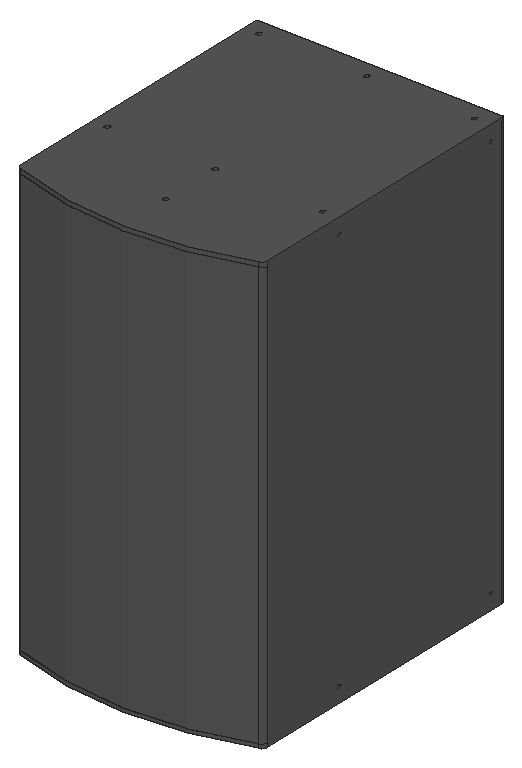
Revit family "1Electronics_Community_Biamp_Subwoofer_IS8-218WR", category Communication Devices, host Face, Revit 2020
Family settings
  Host = Face
  Maintain Annotation Orientation = No
  Round Connector Dimension = Use Diameter
  Part Type = Normal
  OmniClass Number = 23.85.10.11.14.14.14
  OmniClass Title = Loudspeakers
  Cut with Voids When Loaded = No
  Shared = No
  Room Calculation Point = No
Parameters (values of type "IS8-218WR B")
  Width = 22.10"  # constant formula
  Weight = 172.00 lbf  # constant formula
  URL = "https://www.biamp.com/"
  Transducers = "2 x 18 (457mm) double-treated cones with 4 (102mm) voice coils, triple demodulation rings, neodymium construction"  # constant formula
  Shipping Weight = 192.00 lbf  # constant formula
  Recommended Amplifiers = "Single Amp - 3200W - 6400W @ 4 ohms,  (113V - 160V); Dual Amp - 1600W - 3200W @ 8 ohms,  (113V - 160V) (each driver)"  # constant formula
  Product data url = "https://bimobject.com/biamp/product/is8-218wr_community-subwoofer"
  Product Page URL = "https://www.biamp.com/products/product-families/community/community-subwoofers#is8-218wr"
  Product Documentation Link = "https://www.biamp.com/products/product-families/community/community-subwoofers#is8-218wr"
  Operating Range = "31 Hz to 150 Hz  "  # constant formula
  Operating Mode = "Single or Dual Amp"  # constant formula
  Operating Environment = "Weather-Resistant Outdoor "  # constant formula
  Nominal Sensitivity = "Half Space - 1W: 102 dB - 2.83V: 105 dB; Whole Space - 1W: 96 dB - 2.83V: 99 dB"  # constant formula
  Nominal Maximum SPL = "Half Space - Peak: 143 dB - Continuous: 137 dB; Whole Space - Peak: 137 dB - Continuous: 131 dB"  # constant formula
  Mounting Points = "(23) M10 threaded rigging points"  # constant formula
  Model = "IS8-218WR B"
  Manufacturer = "Biamp"  # constant formula
  Input Connection = "Screw terminal blocks (4-position)"  # constant formula
  Housing Material = Biamp - Plastic - Black
  Height = 39.00"  # constant formula
  Grill Material = Biamp - Plastic - Black(Grid)
  Equalized Sensitivity = "Half Space - 1W: 101 dB - 2.83V: 104 dB; Whole Space - 1W: 95 dB - 2.83V: 98 dB"  # constant formula
  Equalized Maximum SPL = "Half Space - Peak: 142 dB - Continuous: 136 dB; Whole Space - Peak: 136 dB - Continuous: 130 dB"  # constant formula
  Environmental = "Outdoor: IP55W per IEC 60529, MIL-STD-810G"  # constant formula
  Description = "IS8-218WR High Power Dual 18-Inch Weather-Resistant Subwoofer"  # constant formula
  Depth = 28.89"  # constant formula
  Default Elevation = 48.00"
  Continuous Power Handling  Nominal Impedance = "Single Amp - 113V, 3200W @ 4 ohms (12800W peak); Dual Amp - 113V, 1600W @ 8 ohms (6400W peak) (each); "  # constant formula
Types (4): name | Model | Housing Material | Grill Material
  (no name) | "IS8-218WR B" | Biamp - Plastic - Black | Biamp - Plastic - Black(Grid)
  IS8-218WR B | "IS8-218WR B" | Biamp - Plastic - Black | Biamp - Plastic - Black(Grid)
  IS8-218WR W | "IS8-218WR W" | Biamp - Plastic - White | Biamp - Plastic - White(Grid)
  IS8-218WR G | "IS8-218WR G" | Biamp - Plastic - Gray | Biamp - Plastic - Gray(Grid)
Reference planes (in)
  plane 1 "Center (Front/Back)": y = 0
  plane 2: z = 0
  plane 3 "Center (Left/Right)": x = 0
  plane 4: y = 14.445
  plane 5: y = -14.445
  plane 6: x = -11.05
  plane 7: x = 11.05
  plane 8: z = 39
  plane 9: z = 19.5
  plane 10: x = -10.675
  plane 11: y = 14.07
  plane 12: y = 14.2575
  plane 13: z = 38.625
  plane 14: z = 0.375
  plane 15: x = 10.675
  plane 16: y = -12.015
Forms (in)
  Extrusion 1, void
    sketch origin (0, 0, 0) x (1, 0, 0) y (0, 1, 0)
      loop
        circle (-9.67, 12.925) r 0.21654
      loop
        circle (0, 12.925) r 0.21654
      loop
        circle (9.67, 12.925) r 0.21654
      loop
        circle (-9.67, -4.085) r 0.21654
      loop
        circle (0, -4.085) r 0.21654
      loop
        circle (9.67, -4.085) r 0.21654
      loop
        circle (0, -9.605) r 0.21654
    from 38.625 to 39
  Extrusion 2, void
    sketch origin (0, 0, 0) x (0, 1, 0) y (0, 0, 1)
      loop
        circle (12.925, 1.38) r 0.21654
      loop
        circle (12.925, 37.62) r 0.21654
      loop
        circle (-4.085, 1.38) r 0.21654
      loop
        circle (-4.085, 37.62) r 0.21654
    from 10.675 to 11.05
  Extrusion 3, void
    sketch origin (0, 0, 0) x (1, 0, 0) y (0, 0, 1)
      loop
        circle (0, 37.62) r 0.21654
      loop
        circle (0, 1.38) r 0.21654
      loop
        line (2.005, 13.38) -> (-2.005, 13.38)
        arc (-2.005, 13.38) -> (-2.09339, 13.34339) -> (-2.13, 13.255) r 0.125
        line (-2.13, 13.255) -> (-2.13, 6.445)
        arc (-2.13, 6.445) -> (-2.09339, 6.35661) -> (-2.005, 6.32) r 0.125
        line (-2.005, 6.32) -> (2.005, 6.32)
        arc (2.005, 6.32) -> (2.09339, 6.35661) -> (2.13, 6.445) r 0.125
        line (2.13, 6.445) -> (2.13, 13.255)
        arc (2.13, 13.255) -> (2.09339, 13.34339) -> (2.005, 13.38) r 0.125
    from -14.445 to -14.07
  Extrusion 4, solid, material "Biamp - Plastic - Black" <- "Housing Material", detail levels medium+fine
    sketch origin (0, 0, -2.8) x (1, 0, 0) y (0, 0, 1)
      loop
        line (-0.5, 15.18) -> (-0.5, 14.93) -> (0.5, 14.93) -> (0.5, 15.18) -> (-0.5, 15.18)
      loop
        line (-0.5, 14.18) -> (-0.5, 13.93) -> (0.5, 13.93) -> (0.5, 14.18) -> (-0.5, 14.18)
    from -14.2575 to -14.07
  Extrusion 5, void
    sketch origin (0, 0, -19.42578) x (0, -1, 0) y (1, 0, 0)
      loop
        circle (-12.925, -9.67) r 0.21654
      loop
        circle (-12.925, 0) r 0.21654
      loop
        circle (-12.925, 9.67) r 0.21654
      loop
        circle (4.085, -9.67) r 0.21654
      loop
        circle (4.085, 0) r 0.21654
      loop
        circle (4.085, 9.67) r 0.21654
      loop
        circle (9.605, 0) r 0.21654
    from 19.42578 to 19.80078
  Extrusion 6, solid, material "Biamp - Plastic - Black" <- "Housing Material", detail levels medium+fine
    sketch origin (0, 0, 0) x (1, 0, 0) y (0, 1, 0)
      loop
        arc (-11.05, -12.015) -> (-10.91244, -12.32978) -> (-10.6336, -12.53044) r 0.64982
        arc (-10.6336, -12.53044) -> (0, -14.445) -> (10.6336, -12.53044) r 30.48718
        arc (10.6336, -12.53044) -> (10.91244, -12.32978) -> (11.05, -12.015) r 0.64982
        line (11.05, -12.015) -> (11.05, 14.23673)
        arc (11.05, 14.23673) -> (10.989, 14.384) -> (10.84173, 14.445) r 0.20827
        line (10.84173, 14.445) -> (-10.89375, 14.445)
        arc (-10.89375, 14.445) -> (-11.00424, 14.39924) -> (-11.05, 14.28875) r 0.15625
        line (-11.05, 14.28875) -> (-11.05, -12.015)
    from 0 to 39
  Extrusion 7, solid, material "Biamp - Plastic - Black" <- "Housing Material", detail levels coarse
    sketch origin (0, 0, 0) x (1, 0, 0) y (0, 1, 0)
      loop
        arc (-11.05, -12.015) -> (-10.91244, -12.32978) -> (-10.6336, -12.53044) r 0.64982
        arc (-10.6336, -12.53044) -> (0, -14.445) -> (10.6336, -12.53044) r 30.48718
        arc (10.6336, -12.53044) -> (10.91244, -12.32978) -> (11.05, -12.015) r 0.64982
        line (11.05, -12.015) -> (11.05, 14.23673)
        arc (11.05, 14.23673) -> (10.989, 14.384) -> (10.84173, 14.445) r 0.20827
        line (10.84173, 14.445) -> (-10.89375, 14.445)
        arc (-10.89375, 14.445) -> (-11.00424, 14.39924) -> (-11.05, 14.28875) r 0.15625
        line (-11.05, 14.28875) -> (-11.05, -12.015)
    from 0 to 39
  Extrusion 8, solid, material "Biamp - Plastic - Black(Grid)" <- "Grill Material", detail levels medium+fine
    sketch origin (0, 0, 0) x (1, 0, 0) y (0, 1, 0)
      loop
        arc (10.6336, -12.53044) -> (10.91244, -12.32978) -> (11.05, -12.015) r 0.64982
        line (11.05, -12.015) -> (-11.05, -12.015)
        arc (-11.05, -12.015) -> (-10.91244, -12.32978) -> (-10.6336, -12.53044) r 0.64982
        arc (-10.6336, -12.53044) -> (0, -14.445) -> (10.6336, -12.53044) r 30.48718
    from 0.375 to 38.625
  Extrusion 9, void
    sketch origin (0, 0, 0) x (1, 0, 0) y (0, 1, 0)
      loop
        line (-12.05, -12.015) -> (-12.05, -15.0937) -> (11.54035, -15.0937) -> (11.54035, -12.015) -> (-12.05, -12.015)
    from 0.375 to 38.625
  Extrusion 10, void
    sketch origin (0, 0, 0) x (0, 1, 0) y (0, 0, -1)
      loop
        circle (12.925, -1.38) r 0.21654
      loop
        circle (12.925, -37.63) r 0.21654
      loop
        circle (-4.085, -1.38) r 0.21654
      loop
        circle (-4.085, -37.63) r 0.21654
    from 10.675 to 11.05
Cuts and joins
  Extrusion 1, Extrusion 2, Extrusion 3, Extrusion 5, Extrusion 9, Extrusion 10 cuts Extrusion 6
  Extrusion 10 cuts Extrusion 7
Lines and regions (in)
  Masking region 1
    outline origin (0, 0, 0) x (1, 0, 0) y (0, 0, 1)
      loop
        line (-11.05006, 39) -> (-11.05006, 0) -> (11.05006, 0) -> (11.05006, 39) -> (-11.05006, 39)
  Masking region 2
    outline origin (0, 0, 0) x (0, 1, 0) y (0, 0, 1)
      loop
        line (-14.445, 39) -> (-14.445, 0) -> (14.445, 0) -> (14.445, 39) -> (-14.445, 39)
  Masking region 3
    outline origin (0, 0, 0) x (1, 0, 0) y (0, 1, 0)
      loop
        line (11.05, -12.015) -> (11.05, 14.23673)
        arc (11.05, 14.23673) -> (10.989, 14.384) -> (10.84173, 14.445) r 0.20827
        line (10.84173, 14.445) -> (-10.89375, 14.445)
        arc (-10.89375, 14.445) -> (-11.00424, 14.39924) -> (-11.05, 14.28875) r 0.15625
        line (-11.05, 14.28875) -> (-11.05, -12.015)
        arc (-11.05, -12.015) -> (-10.91244, -12.32978) -> (-10.6336, -12.53044) r 0.64982
        arc (-10.6336, -12.53044) -> (0, -14.445) -> (10.6336, -12.53044) r 30.48718
        arc (10.6336, -12.53044) -> (10.91244, -12.32978) -> (11.05, -12.015) r 0.64982
  symbolic lines
    curve 1: arc (-9.45346, 12.925, 0) -> (-9.67, 12.70846, 0) -> (-9.88654, 12.925, 0) r 0.21654
    curve 2: arc (-9.88654, 12.925, 0) -> (-9.67, 13.14154, 0) -> (-9.45346, 12.925, 0) r 0.21654
    curve 3: arc (0.21654, 12.925, 0) -> (0, 12.70846, 0) -> (-0.21654, 12.925, 0) r 0.21654
    curve 4: arc (-0.21654, 12.925, 0) -> (0, 13.14154, 0) -> (0.21654, 12.925, 0) r 0.21654
    curve 5: arc (9.45346, 12.925, 0) -> (9.67, 12.70846, 0) -> (9.88654, 12.925, 0) r 0.21654
    curve 6: arc (9.88654, 12.925, 0) -> (9.67, 13.14154, 0) -> (9.45346, 12.925, 0) r 0.21654
    curve 7: arc (-9.45346, -4.085, 0) -> (-9.67, -4.30154, 0) -> (-9.88654, -4.085, 0) r 0.21654
    curve 8: arc (-9.88654, -4.085, 0) -> (-9.67, -3.86846, 0) -> (-9.45346, -4.085, 0) r 0.21654
    curve 9: arc (0.21654, -4.085, 0) -> (0, -4.30154, 0) -> (-0.21654, -4.085, 0) r 0.21654
    curve 10: arc (-0.21654, -4.085, 0) -> (0, -3.86846, 0) -> (0.21654, -4.085, 0) r 0.21654
    curve 11: arc (9.45346, -4.085, 0) -> (9.67, -4.30154, 0) -> (9.88654, -4.085, 0) r 0.21654
    curve 12: arc (9.88654, -4.085, 0) -> (9.67, -3.86846, 0) -> (9.45346, -4.085, 0) r 0.21654
    curve 13: arc (0.21654, -9.605, 0) -> (0, -9.82154, 0) -> (-0.21654, -9.605, 0) r 0.21654
    curve 14: arc (-0.21654, -9.605, 0) -> (0, -9.38846, 0) -> (0.21654, -9.605, 0) r 0.21654
Dimensions and locks (in)
  equal spacing: plane 5, plane 1 "Center (Front/Back)", plane 4
  "Depth": plane 4 to plane 5
  equal spacing: plane 6, plane 3 "Center (Left/Right)", plane 7
  "Width": plane 6 to plane 7
  "Height": plane 8 to plane 2
  equal spacing: plane 8, plane 9, plane 2
  plane 6 to plane 10 = 0.375"
  locked: plane 11 to plane 4 at 0.375
  equal spacing: plane 11, plane 12, plane 4
  locked: plane 8 to plane 13 at 0.375
  locked: plane 14 to plane 2 at 0.375
  locked: plane 15 to plane 7 at 0.375
  plane 16 to plane 5 = 2.43"
  aligned and locked: plane 2 to host face
  aligned and locked: level to host face
  aligned and locked: plane 8 to Extrusion 1
  aligned and locked: plane 7 to Extrusion 2
  aligned and locked: Extrusion 3 to plane 4
  aligned and locked: plane 8 to Extrusion 6
  aligned and locked: Extrusion 6 to plane 2
  aligned and locked: plane 11 to Extrusion 4
  aligned and locked: Extrusion 4 to plane 12
  aligned and locked: plane 15 to Extrusion 2
  aligned and locked: plane 8 to Extrusion 7
  aligned and locked: Extrusion 7 to plane 2
  aligned and locked: plane 13 to Extrusion 8
  aligned and locked: plane 14 to Extrusion 8
  aligned and locked: plane 13 to Extrusion 9
  aligned and locked: plane 11 to cut or joined group of Extrusion 1, Extrusion 2, Extrusion 3, Extrusion 5, Extrusion 6, Extrusion 9, Extrusion 10
  aligned and locked: cut or joined group of Extrusion 7, Extrusion 10 to plane 10
  aligned and locked: cut or joined group of Extrusion 7, Extrusion 10 to plane 6
Automatic sketch dimensions
  host sketch curve to host sketch curve = 96.00"  (x2)
  Extrusion 4 sketch curve to plane 3 "Center (Left/Right)" = 0.50"  (x2)
  plane 3 "Center (Left/Right)" to Extrusion 4 sketch curve = 0.50"  (x2)
  Extrusion 4 sketch curve to plane 9 = 8.37"
  Extrusion 4 sketch curve to Extrusion 4 sketch curve = 0.25"  (x2)
  Extrusion 4 sketch curve to Extrusion 4 sketch curve = 0.75"
  curve 1 to curve 2 = 0.00"  (x2)
  curve 3 to curve 4 = 0.00"  (x2)
  curve 5 to curve 6 = 0.00"  (x2)
  curve 7 to curve 8 = 0.00"  (x2)
  curve 9 to curve 10 = 0.00"  (x2)
  curve 11 to curve 12 = 0.00"  (x2)
  curve 13 to curve 14 = 0.00"  (x2)
  curve 10 to plane 3 "Center (Left/Right)" = 0.00"
  curve 13 to plane 3 "Center (Left/Right)" = 0.00"
  curve 3 to plane 3 "Center (Left/Right)" = 0.00"
  plane 10 to curve 7 = 1.005"
  plane 10 to curve 1 = 1.005"
  plane 15 to curve 5 = 1.005"
  plane 15 to curve 11 = 1.005"
  plane 16 to curve 14 = 2.41"
  plane 1 "Center (Front/Back)" to curve 12 = 4.085"
  plane 1 "Center (Front/Back)" to curve 10 = 4.085"
  plane 1 "Center (Front/Back)" to curve 7 = 4.085"
  plane 11 to curve 6 = 1.145"
  plane 11 to curve 4 = 1.145"
  plane 11 to curve 2 = 1.145"
  curve 10 to curve 9 = 0.21654"
  curve 3 to curve 3 = 0.21654"
  curve 13 to curve 13 = 0.21654"
  curve 7 to curve 7 = 0.21654"
  curve 1 to curve 1 = 0.21654"
  curve 5 to curve 5 = 0.21654"
  curve 11 to curve 11 = 0.21654"
  Extrusion 1 sketch curve to plane 3 "Center (Left/Right)" = 0.00"  (x3)
  plane 10 to Extrusion 1 sketch curve = 1.005"  (x2)
  plane 15 to Extrusion 1 sketch curve = 1.005"  (x2)
  plane 16 to Extrusion 1 sketch curve = 2.41"
  plane 1 "Center (Front/Back)" to Extrusion 1 sketch curve = 4.085"  (x3)
  plane 11 to Extrusion 1 sketch curve = 1.145"  (x3)
  Extrusion 2 sketch curve to plane 14 = 1.005"  (x2)
  plane 1 "Center (Front/Back)" to Extrusion 2 sketch curve = 4.085"  (x2)
  Extrusion 2 sketch curve to plane 13 = 1.005"  (x2)
  plane 11 to Extrusion 2 sketch curve = 1.145"  (x2)
  Extrusion 3 sketch curve to plane 3 "Center (Left/Right)" = 0.00"  (x2)
  Extrusion 3 sketch curve to plane 3 "Center (Left/Right)" = 2.005"  (x2)
  Extrusion 3 sketch curve to Extrusion 3 sketch curve = 0.125"  (x2)
  plane 3 "Center (Left/Right)" to Extrusion 3 sketch curve = 2.005"  (x2)
  Extrusion 3 sketch curve to plane 14 = 1.005"
  Extrusion 3 sketch curve to Extrusion 3 sketch curve = 4.94"
  Extrusion 3 sketch curve to plane 9 = 6.245"
  Extrusion 3 sketch curve to plane 13 = 1.005"
  Extrusion 5 sketch curve to plane 3 "Center (Left/Right)" = 0.00"  (x3)
  plane 11 to Extrusion 5 sketch curve = 1.145"  (x3)
  plane 1 "Center (Front/Back)" to Extrusion 5 sketch curve = 4.085"  (x3)
  plane 15 to Extrusion 5 sketch curve = 1.005"  (x2)
  plane 10 to Extrusion 5 sketch curve = 1.005"  (x2)
  plane 16 to Extrusion 5 sketch curve = 2.41"
  Masking region 1 sketch curve to level = 0.00"
  Masking region 1 sketch curve to plane 8 = 0.00"
  Masking region 1 sketch curve to plane 6 = 0.00006"
  plane 7 to Masking region 1 sketch curve = 0.00006"
  Masking region 2 sketch curve to level = 0.00"
  Masking region 2 sketch curve to plane 5 = 0.00"
  Masking region 2 sketch curve to plane 4 = 0.00"
  Masking region 2 sketch curve to plane 8 = 0.00"
  Extrusion 8 sketch curve to plane 6 = 0.00"
  Extrusion 8 sketch curve to plane 3 "Center (Left/Right)" = 0.00"
  Extrusion 8 sketch curve to plane 7 = 0.00"
  plane 10 to Extrusion 8 sketch curve = 0.26805"
  plane 15 to Extrusion 8 sketch curve = 0.26805"
  plane 5 to Extrusion 8 sketch curve = 2.52357"  (x2)
  Extrusion 8 sketch curve to Extrusion 8 sketch curve = 0.09357"
  Extrusion 8 sketch curve to plane 11 = 1.97218"
  Extrusion 8 sketch curve to Extrusion 8 sketch curve = 0.00"
  Extrusion 9 sketch curve to plane 16 = 0.00"
  Extrusion 9 sketch curve to plane 6 = 1.00"
  plane 7 to Extrusion 9 sketch curve = 0.49035"
  Extrusion 9 sketch curve to plane 5 = 0.6487"
  Extrusion 10 sketch curve to plane 14 = 1.005"  (x2)
  plane 1 "Center (Front/Back)" to Extrusion 10 sketch curve = 4.085"  (x2)
  Extrusion 10 sketch curve to plane 13 = 0.995"  (x2)
  plane 11 to Extrusion 10 sketch curve = 1.145"  (x2)
  Masking region 3 sketch curve to plane 6 = 0.00"
  plane 4 to Masking region 3 sketch curve = 0.00"
  Masking region 3 sketch curve to plane 7 = 0.00"
  plane 6 to Masking region 3 sketch curve = 0.15625"
  plane 12 to Masking region 3 sketch curve = 0.02077"
  Masking region 3 sketch curve to plane 16 = 0.00"  (x2)
  Masking region 3 sketch curve to plane 3 "Center (Left/Right)" = 0.00"
  plane 16 to Masking region 3 sketch curve = 0.09357"  (x2)
  plane 10 to Masking region 3 sketch curve = 0.26805"
  plane 15 to Masking region 3 sketch curve = 0.26805"
  Masking region 3 sketch curve to plane 4 = 1.59718"
  Masking region 3 sketch curve to Masking region 3 sketch curve = 0.00"
  Extrusion 7 sketch curve to plane 6 = 0.00"
  plane 4 to Extrusion 7 sketch curve = 0.00"
  Extrusion 7 sketch curve to plane 3 "Center (Left/Right)" = 0.00"
  Extrusion 7 sketch curve to plane 7 = 0.00"
  Extrusion 7 sketch curve to plane 16 = 0.00"  (x2)
  plane 6 to Extrusion 7 sketch curve = 0.15625"
  plane 16 to Extrusion 7 sketch curve = 0.09357"  (x2)
  plane 10 to Extrusion 7 sketch curve = 0.26805"
  plane 15 to Extrusion 7 sketch curve = 0.26805"
  Extrusion 7 sketch curve to plane 15 = 0.16673"
  Extrusion 7 sketch curve to plane 4 = 1.59718"
  Extrusion 7 sketch curve to Extrusion 7 sketch curve = 0.00"
  Extrusion 6 sketch curve to plane 6 = 0.00"
  plane 4 to Extrusion 6 sketch curve = 0.00"
  Extrusion 6 sketch curve to plane 3 "Center (Left/Right)" = 0.00"
  Extrusion 6 sketch curve to plane 7 = 0.00"
  Extrusion 6 sketch curve to plane 16 = 0.00"  (x2)
  plane 6 to Extrusion 6 sketch curve = 0.15625"
  plane 16 to Extrusion 6 sketch curve = 0.09357"  (x2)
  plane 10 to Extrusion 6 sketch curve = 0.26805"
  plane 15 to Extrusion 6 sketch curve = 0.26805"
  Extrusion 6 sketch curve to plane 15 = 0.16673"
  Extrusion 6 sketch curve to plane 4 = 1.59718"
  Extrusion 6 sketch curve to Extrusion 6 sketch curve = 0.00"
  radius of Extrusion 1 sketch curve = 0.21654"  (x7)
  radius of Extrusion 2 sketch curve = 0.21654"  (x4)
  radius of Extrusion 3 sketch curve = 0.21654"  (x2)
  radius of Extrusion 5 sketch curve = 0.21654"  (x7)
  radius of Extrusion 10 sketch curve = 0.21654"  (x4)
Connectors (in)
  electrical at (0.25, 14.2575, 12.25539)
    settings: on Extrusion 4, index 1, voltage 0 V, apparent load 0 VA, apparent load phase1 0 VA, apparent load phase2 0 VA, apparent load phase3 0 VA, power factor 1, load classification "Other", number of poles 1, system type 5, power factor state 1, is connector primary yes, connector utility no, sub classification motor no, connector description "Screw terminal blocks; LF 1"
  electrical at (0.25, 14.2575, 11.25539)
    settings: on Extrusion 4, index 2, voltage 0 V, apparent load 0 VA, apparent load phase1 0 VA, apparent load phase2 0 VA, apparent load phase3 0 VA, power factor 1, load classification "Other", number of poles 1, system type 5, power factor state 1, is connector primary no, connector utility no, sub classification motor no, connector description "Screw terminal blocks; LF 2"
  electrical at (-0.25, 14.2575, 12.25539)
    settings: on Extrusion 4, index 3, voltage 0 V, apparent load 0 VA, apparent load phase1 0 VA, apparent load phase2 0 VA, apparent load phase3 0 VA, power factor 1, load classification "Other", number of poles 1, system type 5, power factor state 1, is connector primary no, connector utility no, sub classification motor no, connector description "Screw terminal blocks; LF 1"
  electrical at (-0.25, 14.2575, 11.25539)
    settings: on Extrusion 4, index 4, voltage 0 V, apparent load 0 VA, apparent load phase1 0 VA, apparent load phase2 0 VA, apparent load phase3 0 VA, power factor 1, load classification "Other", number of poles 1, system type 5, power factor state 1, is connector primary no, connector utility no, sub classification motor no, connector description "Screw terminal blocks; LF 2"
